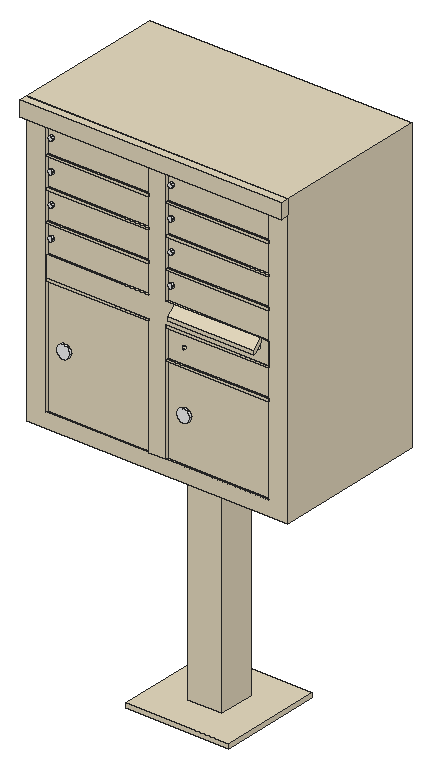
Revit family (continued)
Definition of nested family "Mailbox - Florence - Main Body - Vital - 1570-Series"
  Dimensions and locks (in)
    aligned and locked: plane 39 "Top Offset Front" to curve 43
    aligned and locked: plane 7 "Top" to curve 44
    aligned and locked: plane 23 "Box Offset Top" to curve 44
    aligned and locked: plane 42 "Mail Slot Bottom" to curve 20
    aligned and locked: plane 6 "Front" to curve 19
    aligned and locked: plane 42 "Mail Slot Bottom" to curve 21
    aligned and locked: plane 6 "Front" to curve 21
    aligned and locked: plane 18 "Pedestal Top" to curve 14
    aligned and locked: plane 2 to curve 3
    aligned and locked: plane 8 "Base Rear" to curve 2
    aligned and locked: plane 9 "Base Front" to curve 2
    aligned and locked: plane 2 to curve 1
    aligned and locked: plane 9 "Base Front" to Extrusion 2
    aligned and locked: Extrusion 6 to plane 38 "Cross Bottom"  (x2)
    aligned and locked: plane 4 "Left" to curve 36
    aligned and locked: plane 7 "Top" to curve 45
    aligned and locked: plane 23 "Box Offset Top" to curve 45
    aligned and locked: plane 6 "Front" to curve 45
    aligned and locked: plane 1 "Back" to curve 46
    aligned and locked: plane 6 "Front" to curve 46
    aligned and locked: plane 8 "Base Rear" to curve 47
    aligned and locked: plane 9 "Base Front" to curve 47
    aligned and locked: curve 47 to plane 17 "Base Top"
    aligned and locked: plane 16 "Base Left" to curve 48
    aligned and locked: plane 15 "Base Right" to curve 48
    aligned and locked: curve 48 to plane 17 "Base Top"
    aligned and locked: plane 36 "Cross Left" to curve 49
    aligned and locked: curve 49 to plane 38 "Cross Bottom"
    aligned and locked: plane 35 "Cross Right" to curve 50
    aligned and locked: plane 21 "Box Offset Right" to curve 50
    aligned and locked: curve 50 to plane 38 "Cross Bottom"
    aligned and locked: plane 22 "Box Offset Bottom" to curve 51
    aligned and locked: curve 51 to plane 35 "Cross Right"
    aligned and locked: plane 38 "Cross Bottom" to curve 31
  Automatic sketch dimensions
    Extrusion 4 sketch curve to plane 6 "Front" = 0' - 0"
    Extrusion 4 sketch curve to plane 42 "Mail Slot Bottom" = 0' - 0"
    Extrusion 4 sketch curve to plane 39 "Top Offset Front" = 0' - 0"
    Extrusion 4 sketch curve to plane 41 "Mail Slot Top" = 0' - 0"
    Extrusion 4 sketch curve to plane 37 "Cross Top" = 0' - 0"
    Extrusion 4 sketch curve to plane 41 "Mail Slot Top" = 0' - 0.3737"
    plane 39 "Top Offset Front" to Extrusion 4 sketch curve = 0' - 0.14158"
    Extrusion 8 sketch curve to plane 20 "Box Offset Back" = 0' - 0"
    curve 35 to plane 21 "Box Offset Right" = 0' - 0"
    curve 8 to plane 17 "Base Top" = 0' - 0"
Definition of nested family "Empty"
  Parameters
    Depth = 1' - 3"
    Height = 0' - 3 1/4"
    Width = 1' - 0"
  Reference planes (in)
    plane 1 "Back": y = 0
    plane 2: z = 0
    plane 3 "Center (Left/Right)": x = 0.7377
    plane 4 "Left": x = -5.2623
    plane 5 "Right": x = 6.7377
    plane 6 "Front": y = -15
    plane 7 "Top": z = 3.25
    plane 8: z = 3.5
  Dimensions and locks (in)
    "Depth": plane 6 "Front" to plane 1 "Back"
    "Width": plane 4 "Left" to plane 5 "Right"
    equal spacing: plane 4 "Left", plane 3 "Center (Left/Right)", plane 5 "Right"
    "Height": level to plane 7 "Top"
